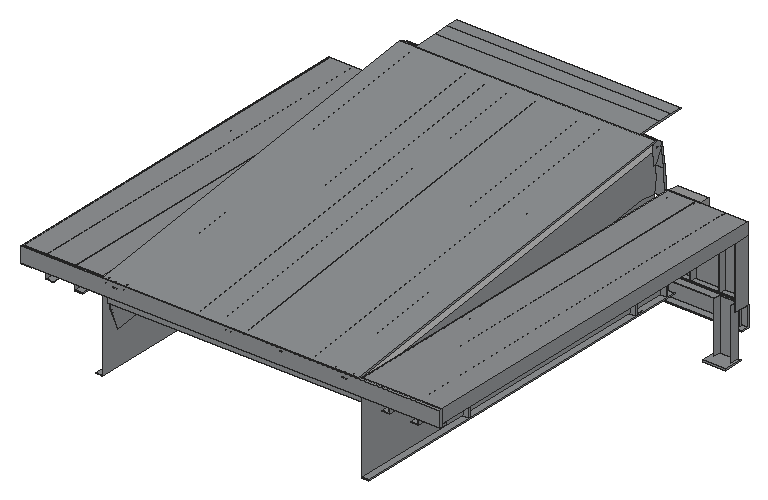
Revit family "ASSA_ABLOY_DockLeveler_DL6010SA", category Generic Models, Revit 2019 (continued)
Automatic sketch dimensions
  Sweep 47 sketch curve to Sweep 47 sketch curve = 94 mm
  Sweep 7 sketch curve to plane 3 "Center (Left/Right)" = 0 mm
  Sweep 9 sketch curve to Sweep 9 sketch curve = 0 mm  (x2)
  Sweep 9 sketch curve to profile plane = 17.01 mm
  plane 15 "LevelerHeight" to Sweep 9 sketch curve = 49.451 mm
  profile plane to Sweep 12 sketch curve = 50 mm
  Sweep 14 sketch curve to Sweep 14 sketch curve = 122 mm
  Sweep 15 sketch curve to Sweep 15 sketch curve = 122 mm
  Sweep 22 sketch curve to plane 49 = 3 mm
  Sweep 22 sketch curve to plane 48 = 3 mm
  plane 46 to Sweep 22 sketch curve = 3 mm
  Sweep 23 sketch curve to plane 50 = 3 mm
  plane 51 to Sweep 23 sketch curve = 3 mm
  plane 52 to Sweep 23 sketch curve = 3 mm
  Sweep 24 sketch curve to Sweep 24 sketch curve = 6.013 mm
  radius of Sweep 9 sketch curve = 22.25 mm
  radius of Sweep 9 sketch curve = 17.25 mm
Nested families
  nested 1: "DL6010SA_LevelerTop" at (0, 0, 942), TaperedSwingLip <- "TaperedSwingLip", FoldDownLip <- "FoldDownLip", AboveDeckLevel <- "AboveDeckLevel", RestingPosition <- "RestingPosition", NominalLengthWanted <- "NominalLength", LevelerWidthWanted <- "LevelerWidthWanted", LipLengthWanted <- "LipLength", DockHeightWanted <- "DockHeight", type <- "LipType", type "DL6010SA_StraightLip"
    with TopToeGuard 1339.6 mm, ToeGuardReference 333 mm, ToeGuardLength 1380 mm, ToeGuardHeight 355 mm, ToeGuardBelowLevel no, TaperedSwingLip no, TaperedStandardLipOpen no, TaperedStandardLipClose no, TaperedBentLipOpen no, TaperedBentLipClose no, SupportDistance 1150 mm, StrengthenerPlateLocation 466 mm, StrengthenerLength 2827 mm, StraightLipOpen yes, StraightLipClose yes, SidePlateHeight 425 mm, RestingPosition no, ReinforcementTwo 273 mm, ReinforcementThree 446 mm, ReinforcementPlateWider yes, ReinforcementPlate yes, ReinforcementFour 619 mm, ReinforcementFive 792 mm, PlatformThickness 8 mm, PlatformAngleTemporary 7.59464°, PlatformAngle 7.59464°, PlateLength 2920 mm, NominalLengthWanted 3000 mm, NominalLength 3000 mm, MidLipLength 195 mm, LipLengthWanted 400 mm, LipLength 400 mm, LevelerWidthWanted 2000 mm, LevelerWidth 2000 mm, LevelerHeight 700 mm, Iron Iron leveller, FrontCutterFoldDown 1750 mm, FoldDownLip yes, FoldDownFrontCutter 100 mm, FoldDownCutter 380 mm, ExtraReinforcement yes, DockHeightWanted 950 mm, DockHeight 950 mm, BentLipOpen no, BentLipClose yes, BelowDeckLevel no, ActualVerticalWorkingRange 400 mm, AboveDeckLevel yes
Definition of nested family "DL6010SA_LevelerTop"
  Parameters (values of type "DL6010SA_BentLip")
    TopToeGuard [instance] = ToeGuardLength - 40.4 mm  # 1339.6 mm
    ToeGuardReference [instance] = if(SidePlateHeight = 360 mm, 268 mm, 333 mm)  # 333 mm
    ToeGuardLength [instance] = if(NominalLength = 2000 mm, 750 mm, if(NominalLength = 2450 mm, 1080 mm, if(NominalLength = 3000 mm, 1380 mm, 750 mm)))  # 1380 mm
    ToeGuardHeight [instance] = if(NominalLength = 2000 mm, 300 mm, if(NominalLength = 2450 mm, 350 mm, if(NominalLength = 3000 mm, 355 mm, 300 mm)))  # 355 mm
    ToeGuardBelowLevel [instance] = not(ToeGuardAboveLevel)  # no
    ToeGuardAboveLevel = yes
    TaperedSwingLip [instance] = no
    TaperedStandardLipOpen [instance] = and(not(RestingPosition), not(FoldDownLip), TaperedSwingLip, StraightLip)  # no
    TaperedStandardLipClose [instance] = and(RestingPosition, StraightLip, TaperedSwingLip)  # no
    TaperedBentLipOpen [instance] = and(not(RestingPosition), not(FoldDownLip), TaperedSwingLip, BentLip)  # no
    TaperedBentLipClose [instance] = and(RestingPosition, BentLip, TaperedSwingLip)  # no
    SupportDistance [instance] = 1150 mm  # constant formula
    StrengthenerPlateLocation [instance] = ReinforcementThree + 20 mm  # 466 mm
    StrengthenerLength [instance] = NominalLength - 173 mm  # 2827 mm
    StraightLipOpen [instance] = or(and(not(RestingPosition), not(TaperedSwingLip), StraightLip), and(not(RestingPosition), FoldDownLip, TaperedSwingLip, StraightLip))  # no
    StraightLipClose [instance] = or(and(RestingPosition, StraightLip), and(StraightLip, FoldDownLip))  # no
    StraightLip = no
    SidePlateHeight [instance] = 425 mm  # constant formula
    RestingPosition [instance] = no
    ReinforcementTwo [instance] = if(LevelerWidth = 2000 mm, 273 mm, 300 mm)  # 273 mm
    ReinforcementThree [instance] = if(LevelerWidth = 2000 mm, 446 mm, 500 mm)  # 446 mm
    ReinforcementPlateWider [instance] = and(NominalLength > 2999 mm, LevelerWidth > 1750 mm)  # yes
    ReinforcementPlate [instance] = NominalLength > 2999 mm  # yes
    ReinforcementFour [instance] = if(LevelerWidth = 2000 mm, 619 mm, 700 mm)  # 619 mm
    ReinforcementFive [instance] = if(LevelerWidth = 2000 mm, 792 mm, 892 mm)  # 792 mm
    PlatformThickness [instance] = 8 mm  # constant formula
    PlatformAngleTemporary [instance] = atan(ActualVerticalWorkingRange / NominalLength)  # 5.33216°
    PlatformAngle [instance] = if(PlatformAngleTemporary < 0.00°, PlatformAngleTemporary + 360.00°, PlatformAngleTemporary)  # 5.33216°
    PlateLength [instance] = NominalLength - 80 mm  # 2920 mm
    LevelerWidthWanted [instance] = 2000 mm
    LevelerWidth [instance] = if(LevelerWidthWanted < 2100 mm, 2000 mm, 2200 mm)  # 2000 mm
    NominalLengthWanted [instance] = 3000 mm
    NominalLength [instance] = if(NominalLengthWanted < 2225 mm, 2000 mm, if(NominalLengthWanted < 2725 mm, 2450 mm, 3000 mm))  # 3000 mm
    MidLipLength [instance] = LipLength - 205 mm  # 295 mm
    LipLengthWanted [instance] = 500 mm
    LipLength [instance] = if(LipLengthWanted > 450 mm, 500 mm, 400 mm)  # 500 mm
    LevelerHeight [instance] = 700 mm  # constant formula
    Iron [instance] = none
    FrontCutterFoldDown [instance] = if(and(not(RestingPosition), FoldDownLip), LevelerWidth - 250 mm, if(and(RestingPosition, TaperedSwingLip), 3000 mm, 3000 mm))  # 1750 mm
    FoldDownLip [instance] = yes
    FoldDownFrontCutter [instance] = if(or(and(FoldDownLip, not(RestingPosition)), TaperedSwingLip), 100 mm, if(and(FoldDownLip, RestingPosition), 10 mm, if(RestingPosition, 10 mm, 10 mm)))  # 100 mm
    FoldDownCutter [instance] = if(FoldDownLip, 380 mm, 255 mm)  # 380 mm
    ExtraReinforcement [instance] = LevelerWidth > 1999 mm  # yes
    DockHeightWanted [instance] = 950 mm
    DockHeight [instance] = if(DockHeightWanted < 975 mm, 950 mm, if(DockHeightWanted < 1025 mm, 1000 mm, if(DockHeightWanted < 1075 mm, 1050 mm, if(DockHeightWanted < 1125 mm, 1100 mm, if(DockHeightWanted < 1175 mm, 1150 mm, if(DockHeightWanted < 1225 mm, 1200 mm, if(DockHeightWanted < 1275 mm, 1250 mm, if(DockHeightWanted < 1325 mm, 1300 mm, if(DockHeightWanted < 1375 mm, 1350 mm, if(DockHeightWanted < 1425 mm, 1400 mm, if(DockHeightWanted < 1475 mm, 1450 mm, 1500 mm)))))))))))  # 950 mm
    BentLipOpen [instance] = or(and(not(RestingPosition), not(TaperedSwingLip), BentLip), and(not(RestingPosition), FoldDownLip, TaperedSwingLip, BentLip))  # yes
    BentLipClose [instance] = or(and(RestingPosition, BentLip), and(BentLip, FoldDownLip), and(StraightLip, FoldDownLip))  # yes
    BentLip = yes
    BelowDeckLevel [instance] = not(AboveDeckLevel)  # no
    ActualVerticalWorkingRange [instance] = if(RestingPosition, 0 mm, if(and(NominalLength = 2000 mm, LipLength = 400 mm, BelowDeckLevel), -330 mm, if(and(NominalLength = 2000 mm, LipLength = 400 mm, AboveDeckLevel), 290 mm, if(and(NominalLength = 2000 mm, LipLength = 500 mm, BelowDeckLevel), -360 mm, if(and(NominalLength = 2000 mm, LipLength = 500 mm, AboveDeckLevel), 180 mm, if(and(NominalLength = 2450 mm, LipLength = 400 mm, BelowDeckLevel), -340 mm, if(and(NominalLength = 2450 mm, LipLength = 400 mm, AboveDeckLevel), 380 mm, if(and(NominalLength = 2450 mm, LipLength = 500 mm, BelowDeckLevel), -360 mm, if(and(NominalLength = 2450 mm, LipLength = 500 mm, AboveDeckLevel), 260 mm, if(and(NominalLength = 3000 mm, LipLength = 400 mm, BelowDeckLevel), -335 mm, if(and(NominalLength = 3000 mm, LipLength = 400 mm, AboveDeckLevel), 400 mm, if(and(NominalLength = 3000 mm, LipLength = 500 mm, BelowDeckLevel), -290 mm, if(and(NominalLength = 3000 mm, LipLength = 500 mm, AboveDeckLevel), 280 mm, 280 mm)))))))))))))  # 280 mm
    AboveDeckLevel [instance] = yes
  Types (2, lengths in mm): name | StraightLipOpen | StraightLipClose | StraightLip | BentLipOpen | BentLip
    DL6010SA_StraightLip | yes | yes | yes | no | no
    DL6010SA_BentLip | no | no | no | yes | yes
  Reference planes
    plane 1 "Front": y = 0
    plane 2 "Ground": z = 0
    plane 3 "Center (Left/Right)": x = 0
    plane 4: z = 8
    plane 5 "Back": y = -3000
    plane 6 "Left": x = -1000
    plane 7 "Right": x = 1000
    plane 8: x = 996
    plane 9: x = -996
    plane 10: y = -134
    plane 11: y = -134
    plane 12: z = -325
    plane 13: through (0, -303.405, 1037.872) normal (0, -0.9889, -0.1483)
    plane 14: through (0, -303.405, 1037.872) normal (0, -0.9889, -0.1483)
    plane 15: x = -1004
    plane 16: x = 1004
    plane 17: x = 992
    plane 18: x = -992
    plane 19: z = -21
    plane 20: y = -2986
    plane 21: x = -928.5
    plane 22: x = -860.5
    plane 23: z = -21
    plane 24: y = -2986
    plane 25: x = 928.5
    plane 26: x = 860.5
    plane 27: x = 100
    plane 28: x = 273
    plane 29: x = 446
    plane 30: x = 619
    plane 31: x = -100
    plane 32: x = -273
    plane 33: x = -446
    plane 34: x = -619
    plane 35: x = 120
    plane 36: x = 290
    plane 37: x = -120
    plane 38: x = -290
    plane 39: x = 792
    plane 40: x = -792
    plane 41: x = -875
    plane 42: x = 875
    plane 43: z = -515.765
    plane 44: x = 875
    plane 45: x = -875
    plane 46: x = 466
    plane 47: x = 636
    plane 48: x = -466
    plane 49: x = -636
    plane 50: through (0, -82.956, 278.941) normal (0, 0.9936, 0.1126)
    plane 51: z = -942
  Forms (mm)
    Extrusion 1, solid, material <- "Iron"
      sketch origin (0, -3000, 8) x (0, 0.995673, 0.092929) y (0, -0.092929, 0.995673)
        loop
          line (34.5, -8) -> (34.5, -248) -> (84.5, -433) -> (2835.5, -433) -> (2885.5, -248) -> (2885.5, -8) -> (34.5, -8)
      from 996 to 1000
    Extrusion 2, solid, material <- "Iron"
      sketch origin (0, -3000, 8) x (0, 0.995673, 0.092929) y (0, -0.092929, 0.995673)
        loop
          line (0, 0) -> (0, -8) -> (2920, -8) -> (2920, 0) -> (0, 0)
      from -1000 to 1000
    Extrusion 3, solid, material <- "Iron"
      sketch origin (0, -3000, 8) x (0, 0.995673, 0.092929) y (0, -0.092929, 0.995673)
        loop
          line (34.5, -8) -> (34.5, -248) -> (84.5, -433) -> (2835.5, -433) -> (2885.5, -248) -> (2885.5, -8) -> (34.5, -8)
      from -1000 to -996
    Extrusion 4, solid, material <- "Iron", visible <- "ToeGuardBelowLevel"
      sketch origin (0, -3000, 8) x (0, 1, 0) y (0, 0, 1)
        loop
          line (1429.864, -333) -> (1419.916, -432.476) -> (2773.377, -701.795) -> (2866, -359.091) -> (2769.464, -333) -> (1429.864, -333)
      from 1000 to 1004
    Extrusion 5, solid, material <- "Iron", visible <- "ToeGuardBelowLevel"
      sketch origin (-875, 0, 0) x (0, 1, 0) y (0, 0, 1)
        loop
          line (-1570.136, -325) -> (-1580.084, -424.476) -> (-226.623, -693.795) -> (-134, -351.091) -> (-230.536, -325) -> (-1570.136, -325)
      from -129 to -125
    Extrusion 6, solid, material <- "Iron", visible <- "ToeGuardAboveLevel"
      sketch origin (0, -3000, 8) x (0, 0.995673, 0.092929) y (0, -0.092929, 0.995673)
        loop
          line (1408.98, -333) -> (1399.033, -432.476) -> (2752.494, -701.795) -> (2845.117, -359.091) -> (2748.58, -333) -> (1408.98, -333)
      from 1000 to 1004
    Extrusion 7, solid, material <- "Iron", visible <- "ToeGuardAboveLevel"
      sketch origin (0, -3000, 8) x (0, 0.995673, 0.092929) y (0, -0.092929, 0.995673)
        loop
          line (1408.98, -333) -> (1399.033, -432.476) -> (2752.494, -701.795) -> (2845.117, -359.091) -> (2748.58, -333) -> (1408.98, -333)
      from -1004 to -1000
    Sweep 8, solid, material <- "Iron"
      path origin (0, 0, 0) x (1, 0, 0) y (0, 1, 0)
        loop
          line (-992, -2964) -> (992, -2964)
      profile origin (0, -2964, 0) x (0, 1, 0) y (0, 0, 1)
        loop
          line (0, 0) -> (0, -179.943) -> (8, -179.943) -> (8, 0) -> (0, 0)
    Extrusion 9, solid, material <- "Iron"
      sketch origin (-1000, 0, 0) x (0, 1, 0) y (0, 0, 1)
        loop
          circle (-2986, -21) r 21
        loop
          circle (-2986, -21) r 13
      from 71.5 to 139.5
    Extrusion 10, solid, material <- "Iron"
      sketch origin (875, 0, 0) x (0, 1, 0) y (0, 0, -1)
        loop
          circle (-2986, 21) r 21
        loop
          circle (-2986, 21) r 13
      from -53.5 to 14.5
    Sweep 11, solid, material <- "Iron"
      path origin (0, -3000, 8) x (0, 0.995673, 0.092929) y (0, -0.092929, 0.995673)
        loop
          line (34.5, -8) -> (2861.5, -8)
      profile origin (0, -1557.523, 134.596) x (0, -0.092929, 0.995673) y (1, 0, 0)
        loop
          line (0, -619) -> (-167.869, -619) -> (-167.869, -679) -> (-165.018, -679) -> (-165.018, -624) -> (0, -624) -> (0, -619)
        loop
          line (0, -446) -> (-167.869, -446) -> (-167.869, -506) -> (-165.018, -506) -> (-165.018, -451) -> (0, -451) -> (0, -446)
        loop
          line (0, -273) -> (-167.869, -273) -> (-167.869, -333) -> (-165.018, -333) -> (-165.018, -278) -> (0, -278) -> (0, -273)
        loop
          line (0, -100) -> (-167.869, -100) -> (-167.869, -160) -> (-165.018, -160) -> (-165.018, -105) -> (0, -105) -> (0, -100)
        loop
          line (0, 100) -> (0, 105) -> (-165.018, 105) -> (-165.018, 160) -> (-167.855, 160) -> (-167.855, 100) -> (0, 100)
        loop
          line (0, 273) -> (0, 278) -> (-165.018, 278) -> (-165.018, 333) -> (-167.855, 333) -> (-167.855, 273) -> (0, 273)
        loop
          line (0, 446) -> (0, 451) -> (-165.021, 451) -> (-165.021, 506) -> (-167.858, 506) -> (-167.858, 446) -> (0, 446)
        loop
          line (0, 619) -> (0, 624) -> (-165.024, 624) -> (-165.024, 679) -> (-167.861, 679) -> (-167.861, 619) -> (0, 619)
    Sweep 12, solid, material <- "Iron", visible <- "ReinforcementPlate"
      path origin (0, -3000, 8) x (0, 0.995673, 0.092929) y (0, -0.092929, 0.995673)
        loop
          line (2184.5, -178) -> (1184.5, -178)
      profile origin (0, -1306.248, -12.69) x (0, 0.092929, -0.995673) y (1, 0, 0)
        loop
          line (-0.912, 120) -> (-0.912, 290) -> (-2.912, 290) -> (-2.912, 120) -> (-0.912, 120)
        loop
          line (0.745, -120) -> (-1.255, -120) -> (-1.255, -290) -> (0.745, -290) -> (0.745, -120)
    Sweep 13, solid, material <- "Iron", visible <- "ExtraReinforcement"
      path origin (0, -3000, 8) x (0, 0.995673, 0.092929) y (0, -0.092929, 0.995673)
        loop
          line (2861.5, -8) -> (34.5, -8)
      profile origin (0, -1557.523, 134.596) x (0, 0.092929, -0.995673) y (1, 0, 0)
        loop
          line (0, 792) -> (165.936, 792) -> (165.936, 852) -> (161.4, 852) -> (161.4, 797) -> (0, 797) -> (0, 792)
        loop
          line (0, -792) -> (0, -797) -> (161.304, -797) -> (161.304, -852) -> (165.935, -852) -> (165.935, -792) -> (0, -792)
    Extrusion 14, solid, material <- "Iron", visible <- "StraightLipOpen"
      sketch origin (0, -3000, 8) x (0, 0.995673, 0.092929) y (0, -0.092929, 0.995673)
        loop
          line (2921, 0) -> (2920.128, -9.964) -> (3418.226, -53.542) -> (3418.574, -49.557) -> (3319.478, -34.862) -> (3214.877, -25.711) -> (2921, 0)
      from -1000 to 1000
    Extrusion 15, solid, material <- "Iron", visible <- "BentLipOpen"
      sketch origin (0, -3000, 8) x (0, 0.995673, 0.092929) y (0, -0.092929, 0.995673)
        loop
          line (3321.235, -9.198) -> (3216.1, 0) -> (2921.1, 0) -> (2921.1, -10) -> (3215.638, -10) -> (3421.099, -27.976) -> (3421.099, -24.001) -> (3321.235, -9.198)
      from -1000 to 1000
    Extrusion 16, solid, material <- "Iron", visible <- "BentLipClose"
      sketch origin (0, -3000, 8) x (0, 0.995673, 0.092929) y (0, -0.092929, 0.995673)
        loop
          line (2971.008, -39.658) -> (2970.994, -334.658) -> (2953.06, -539.658) -> (2957.049, -539.658) -> (2971.805, -440.13) -> (2980.956, -335.53) -> (2980.97, -39.658) -> (2971.008, -39.658)
      from -1000 to 1000
    Sweep 17, void
      path origin (-1000, 0, 0) x (0, 1, 0) y (0, 0, 1)
        loop
          line (-91.415, 291.25) -> (514.894, 291.25)
      profile origin (-1000, 211.739, 291.25) x (0, 0, 1) y (1, 0, 0)
        loop
          line (-706.414, 125) -> (-706.414, -255) -> (193.586, -255) -> (193.586, 125) -> (-706.414, 125)
    Sweep 18, void
      path origin (0, -3000, 8) x (0, 0.995673, 0.092929) y (0, -0.092929, 0.995673)
        loop
          line (2918.394, -9.834) -> (3543.378, -56.708)
      profile origin (0, 219.997, 275.117) x (0, -0.018203, 0.999834) y (1, 0, 0)
        loop
          line (304.739, 875) -> (304.739, 1255) -> (-715.261, 1255) -> (-715.261, 875) -> (304.739, 875)
    Sweep 19, void
      path origin (0, -3000, 8) x (0, 0.995673, 0.092929) y (0, -0.092929, 0.995673)
        loop
          line (3000, 0) -> (2900, 0)
      profile origin (0, -62.766, 282.142) x (0, 0.092929, -0.995673) y (1, 0, 0)
        loop
          line (1070, -875) -> (1070, 875) -> (-450, 875) -> (-450, -875) -> (1070, -875)
    Extrusion 20, solid
      sketch origin (0, -3000, 8) x (0, 0.995673, 0.092929) y (0, -0.092929, 0.995673)
        loop
          line (2885.5, -8) -> (34.5, -8) -> (34.5, -58) -> (2885.5, -58) -> (2885.5, -8)
      from 1000 to 877
    Extrusion 21, solid
      sketch origin (0, -3000, 8) x (0, 0.995673, 0.092929) y (0, 0.092929, -0.995673)
        loop
          line (2885.5, 8) -> (2885.5, 58) -> (34.5, 58) -> (34.5, 8) -> (2885.5, 8)
      from 1000 to 877
    Sweep 22, solid, material <- "Iron", visible <- "ReinforcementPlateWider"
      path origin (0, -3000, 8) x (0, 0.995673, 0.092929) y (0, -0.092929, 0.995673)
        loop
          line (2184.5, -178) -> (1184.5, -178)
      profile origin (0, -1306.248, -12.69) x (0, 0.092929, -0.995673) y (1, 0, 0)
        loop
          line (1.144, 466) -> (1.144, 636) -> (-0.856, 636) -> (-0.856, 466) -> (1.144, 466)
        loop
          line (1.21, -466) -> (-0.79, -466) -> (-0.79, -636) -> (1.21, -636) -> (1.21, -466)
    Extrusion 23, solid, material <- "Iron"
      sketch origin (0, -3000, 8) x (0, 0.995673, 0.092929) y (0, -0.092929, 0.995673)
        loop
          line (2904.08, -21.767) -> (2885.5, -21.767) -> (2885.5, -161.767) -> (2899.5, -161.767) -> (2960.932, -74.157)
          arc (2960.932, -74.157) -> (2955.429, -23.087) -> (2904.08, -21.767) r 39
        loop
          circle (2929, -51.767) r 12
      from -1000 to 1000
    Sweep 24, void
      path origin (-1000, 0, 0) x (0, 1, 0) y (0, 0, 1)
        loop
          line (-91.708, 291.25) -> (514.894, 291.25)
      profile origin (-1000, 211.593, 291.25) x (0, 0, 1) y (1, 0, 0)
        loop
          line (-706.414, 125) -> (-706.414, -255) -> (193.586, -255) -> (193.586, 125) -> (-706.414, 125)
    Sweep 25, void
      path origin (0, -3000, 8) x (0, 0.995673, 0.092929) y (0, 0.092929, -0.995673)
        loop
          line (2918.394, 9.834) -> (3543.378, 56.708)
      profile origin (0, 219.997, 275.117) x (0, 0.018203, -0.999834) y (-1, 0, 0)
        loop
          line (-304.739, 875) -> (715.261, 875) -> (715.261, 1255) -> (-304.739, 1255) -> (-304.739, 875)
  Cuts and joins
    Sweep 18, Sweep 25 cuts Extrusion 15
    Sweep 17, Sweep 18, Sweep 25 cuts Extrusion 14
    Sweep 19 cuts Extrusion 16
    Sweep 25 cuts Extrusion 2
  Lines and regions (mm)
    reference lines
      curve 1: line (0, -3000, 8) -> (0, -12.982, 286.788)
      curve 2: line (0, -12.982, 286.788) -> (0, 42.776, -310.615)
  Dimensions and locks
    plane 4 to plane 2 "Ground" = 8 mm
    "NominalLength": curve 1 to curve 1
    "NominalLength": plane 5 "Back" to plane 1 "Front"
    "PlatformThickness": curve 1 to Extrusion 1 sketch curve
    Extrusion 1 sketch curve to Extrusion 1 sketch curve = 50 mm  (x2)
    locked: Extrusion 1 sketch curve to Extrusion 1 sketch curve at 240  (x2)
    "PlatformThickness": curve 1 to Extrusion 2 sketch curve
    locked: Extrusion 2 sketch curve to curve 1 at 80
    "SidePlateHeight": Extrusion 1 sketch curve to Extrusion 1 sketch curve
    equal spacing: plane 6 "Left", plane 3 "Center (Left/Right)", plane 7 "Right"
    "LevelerWidth": plane 6 "Left" to plane 7 "Right"
    Extrusion 3 sketch curve to Extrusion 3 sketch curve = 50 mm  (x2)
    locked: Extrusion 3 sketch curve to Extrusion 3 sketch curve at 240  (x2)
    "SidePlateHeight": Extrusion 3 sketch curve to Extrusion 3 sketch curve
    locked: plane 8 to plane 7 "Right" at 4
    locked: plane 6 "Left" to plane 9 at 4
    "PlatformThickness": curve 1 to Extrusion 3 sketch curve
    "ToeGuardHeight": Extrusion 4 sketch curve to Extrusion 4 sketch curve
    locked: Extrusion 4 sketch curve to Extrusion 4 sketch curve at 100
    Extrusion 4 sketch curve to Extrusion 4 sketch curve = 99.973 mm
    "ToeGuardHeight": Extrusion 5 sketch curve to Extrusion 5 sketch curve
    locked: Extrusion 5 sketch curve to Extrusion 5 sketch curve at 100
    locked: Extrusion 5 sketch curve to Extrusion 5 sketch curve at 99.973
    plane 1 "Front" to plane 10 = 134 mm
    plane 1 "Front" to plane 11 = 134 mm
    "TopToeGuard": Extrusion 5 sketch curve to Extrusion 5 sketch curve
    "TopToeGuard": Extrusion 4 sketch curve to Extrusion 4 sketch curve
    "ToeGuardReference": plane 4 to plane 12
    "ToeGuardHeight": Extrusion 6 sketch curve to Extrusion 6 sketch curve
    locked: Extrusion 6 sketch curve to Extrusion 6 sketch curve at 100
    locked: Extrusion 6 sketch curve to Extrusion 6 sketch curve at 99.973
    "TopToeGuard": Extrusion 6 sketch curve to Extrusion 6 sketch curve
    "ToeGuardReference": curve 1 to Extrusion 6 sketch curve
    Extrusion 3 to Extrusion 6 sketch curve = 40.383 mm
    "ToeGuardHeight": Extrusion 7 sketch curve to Extrusion 7 sketch curve
    locked: Extrusion 7 sketch curve to Extrusion 7 sketch curve at 100
    locked: Extrusion 7 sketch curve to Extrusion 7 sketch curve at 99.973
    "TopToeGuard": Extrusion 7 sketch curve to Extrusion 7 sketch curve
    Extrusion 3 to Extrusion 7 sketch curve = 40.383 mm
    "ToeGuardReference": curve 1 to Extrusion 7 sketch curve
    locked: plane 15 to plane 6 "Left" at 4
    locked: plane 7 "Right" to plane 16 at 4
    locked: plane 6 "Left" to plane 18 at 8
    locked: plane 17 to plane 7 "Right" at 8
    locked: Sweep 8 sketch curve to Sweep 8 sketch curve at 8
    Sweep 8 sketch curve to Sweep 8 sketch curve = 179.943 mm
    plane 5 "Back" to Sweep 8 sketch curve = 36 mm
    Sweep 8 sketch curve to plane 5 "Back" = 36 mm
    locked: plane 2 "Ground" to plane 19 at 21
    locked: plane 20 to plane 5 "Back" at 14
    locked: plane 6 "Left" to plane 21 at 71.5
    plane 21 to plane 22 = 68 mm
    plane 25 to plane 7 "Right" = 71.5 mm
    plane 26 to plane 25 = 68 mm
    locked: plane 2 "Ground" to plane 23 at 21
    locked: plane 24 to plane 5 "Back" at 14
    "StrengthenerLength": Extrusion 3 to Sweep 11 sketch curve
    locked: plane 27 to plane 3 "Center (Left/Right)" at 100  (x2)
    "ReinforcementTwo": plane 28 to plane 3 "Center (Left/Right)"  (x2)
    "ReinforcementThree": plane 29 to plane 3 "Center (Left/Right)"  (x2)
    "ReinforcementFour": plane 30 to plane 3 "Center (Left/Right)"  (x2)
    locked: plane 3 "Center (Left/Right)" to plane 31 at 100
    "ReinforcementTwo": plane 3 "Center (Left/Right)" to plane 32  (x2)
    "ReinforcementThree": plane 3 "Center (Left/Right)" to plane 33  (x2)
    "ReinforcementFour": plane 3 "Center (Left/Right)" to plane 34  (x2)
    "SupportDistance": Extrusion 3 to Sweep 12 sketch curve
    Sweep 12 sketch curve to Sweep 12 sketch curve = 1000 mm
    locked: curve 1 to Sweep 12 sketch curve at 178
    plane 36 to plane 35 = 170 mm
    plane 38 to plane 37 = 170 mm
    Sweep 12 sketch curve to Sweep 12 sketch curve = 1.99 mm  (x2)
    locked: plane 35 to plane 3 "Center (Left/Right)" at 120
    locked: plane 3 "Center (Left/Right)" to plane 37 at 120
    Sweep 11 sketch curve to Sweep 11 sketch curve = 5 mm  (x8)
    locked: plane 31 to plane 3 "Center (Left/Right)" at 100
    "StrengthenerLength": Sweep 13 sketch curve to Sweep 13 sketch curve
    "ReinforcementFive": plane 39 to plane 3 "Center (Left/Right)"
    "ReinforcementFive": plane 3 "Center (Left/Right)" to plane 40
    Sweep 13 sketch curve to Sweep 13 sketch curve = 5 mm  (x2)
    locked: Sweep 13 sketch curve to Sweep 13 sketch curve at 4.536
    Sweep 13 sketch curve to Sweep 13 sketch curve = 60 mm  (x2)
    locked: Sweep 13 sketch curve to Sweep 13 sketch curve at 4.631
    "LipLength": Extrusion 14 sketch curve to Extrusion 14 sketch curve
    "MidLipLength": Extrusion 14 sketch curve to Extrusion 14 sketch curve
    Extrusion 14 sketch curve to Extrusion 14 sketch curve = 105 mm
    Extrusion 14 sketch curve to Extrusion 14 sketch curve = 100.18 mm
    Extrusion 14 sketch curve to Extrusion 14 sketch curve = 4 mm
    Extrusion 14 sketch curve to Extrusion 14 sketch curve = 10.002 mm  (x2)
    Extrusion 15 sketch curve to Extrusion 15 sketch curve = 10.002 mm
    Extrusion 15 sketch curve to Extrusion 15 sketch curve = 105.536 mm
    "MidLipLength": Extrusion 15 sketch curve to Extrusion 15 sketch curve
    "LipLength": Extrusion 15 sketch curve to Extrusion 15 sketch curve
    Extrusion 15 sketch curve to Extrusion 15 sketch curve = 3.96 mm
    Extrusion 15 sketch curve to Extrusion 15 sketch curve = 100.956 mm
    curve 1 to Extrusion 16 sketch curve = 39.658 mm
    "MidLipLength": Extrusion 16 sketch curve to Extrusion 16 sketch curve
    "LipLength": Extrusion 16 sketch curve to Extrusion 16 sketch curve
    Extrusion 16 sketch curve to Extrusion 16 sketch curve = 9.962 mm
    Extrusion 16 sketch curve to Extrusion 16 sketch curve = 10 mm
    Extrusion 16 sketch curve to Extrusion 16 sketch curve = 3.974 mm
    Extrusion 16 sketch curve to Extrusion 16 sketch curve = 100.616 mm
    Extrusion 16 sketch curve to Extrusion 16 sketch curve = 105 mm
    "FoldDownCutter": Sweep 17 sketch curve to Sweep 17 sketch curve
    Sweep 18 sketch curve to plane 7 "Right" = 255 mm
    "FoldDownCutter": Sweep 18 sketch curve to Sweep 18 sketch curve
    locked: plane 41 to plane 6 "Left" at 125
    locked: plane 7 "Right" to plane 42 at 125
    "FoldDownFrontCutter": Sweep 19 sketch curve to Sweep 19 sketch curve
    equal spacing: plane 44, plane 3 "Center (Left/Right)", plane 45
    "FrontCutterFoldDown": plane 44 to plane 45
    Extrusion 20 sketch curve to Extrusion 20 sketch curve = 50 mm
    Extrusion 21 sketch curve to Extrusion 21 sketch curve = 50 mm
    Sweep 22 sketch curve to Sweep 22 sketch curve = 1000 mm
    plane 47 to plane 46 = 170 mm
    plane 49 to plane 48 = 170 mm
    Sweep 22 sketch curve to Sweep 22 sketch curve = 1.99 mm
    "SupportDistance": Extrusion 3 to Sweep 22 sketch curve
    locked: curve 1 to Sweep 22 sketch curve at 178
    "StrengthenerPlateLocation": plane 48 to plane 3 "Center (Left/Right)"
    "StrengthenerPlateLocation": plane 46 to plane 3 "Center (Left/Right)"
    curve 2 to Extrusion 16 sketch curve = 19.028 mm
    Extrusion 2 to Extrusion 23 sketch curve to Extrusion 23 sketch curve = 51.767 mm, 110 mm
    Extrusion 23 sketch curve to Extrusion 23 sketch curve = 14 mm
    curve 1 to Extrusion 23 sketch curve = 21.767 mm
    Sweep 13 sketch curve to Sweep 13 sketch curve = 4.602 mm
    Sweep 13 sketch curve to Sweep 13 sketch curve = 4.507 mm
    "DockHeight": plane 4 to plane 51
    locked: Sweep 22 sketch curve to Sweep 22 sketch curve at 2  (x2)
    locked: Sweep 12 sketch curve to Sweep 12 sketch curve at 2  (x2)
    locked: Sweep 11 sketch curve to Sweep 11 sketch curve at 2.85  (x4)
    locked: Sweep 11 sketch curve to Sweep 11 sketch curve at 2.837  (x4)
    locked: plane 6 "Left" to Sweep 17 sketch curve at 255
    "FoldDownCutter": Sweep 24 sketch curve to Sweep 24 sketch curve
    locked: plane 6 "Left" to Sweep 24 sketch curve at 255
    "FoldDownCutter": Sweep 25 sketch curve to Sweep 25 sketch curve
    locked: plane 6 "Left" to Sweep 25 sketch curve at 255
    radius of Extrusion 9 sketch curve = 21 mm
    radius of Extrusion 9 sketch curve = 13 mm
    radius of Extrusion 10 sketch curve = 21 mm
    radius of Extrusion 10 sketch curve = 13 mm
    radius of Extrusion 23 sketch curve = 12 mm
    radius of Extrusion 23 sketch curve = 39 mm
    "PlatformAngle": angle curve 1 to plane 4
    locked: curve 2 to curve 1 (angle 90.00°)
    angle Extrusion 4 sketch curve to Extrusion 4 sketch curve = 164.876°
    locked: Extrusion 5 sketch curve to Extrusion 5 sketch curve (angle 164.876°)
    locked: Extrusion 5 sketch curve to Extrusion 5 sketch curve (angle 90.00°)
    angle Extrusion 4 sketch curve to Extrusion 4 sketch curve = 95.7106°
    angle Extrusion 5 sketch curve to Extrusion 5 sketch curve = 95.7106°
    locked: Extrusion 6 sketch curve to Extrusion 6 sketch curve (angle 164.876°)
    locked: Extrusion 6 sketch curve to Extrusion 6 sketch curve (angle 90.00°)
    angle Extrusion 6 sketch curve to Extrusion 6 sketch curve = 95.7106°
    locked: Extrusion 7 sketch curve to Extrusion 7 sketch curve (angle 164.876°)
    locked: Extrusion 7 sketch curve to Extrusion 7 sketch curve (angle 90.00°)
    angle Extrusion 7 sketch curve to Extrusion 7 sketch curve = 95.7106°
    locked: curve 1 to Extrusion 14 sketch curve (angle 5.00°)  (x2)
    angle Extrusion 23 sketch curve to Extrusion 23 sketch curve = 90.00°
    angle Extrusion 23 sketch curve to Extrusion 23 sketch curve = 125.038°
    aligned and locked: level to plane 2 "Ground"
    aligned and locked: Extrusion 2 sketch curve to curve 1
    aligned and locked: curve 1 to Extrusion 2 sketch curve
    aligned and locked: Extrusion 2 to plane 6 "Left"
    aligned and locked: plane 7 "Right" to Extrusion 2
    aligned and locked: plane 7 "Right" to Extrusion 1
    aligned and locked: Extrusion 3 to plane 6 "Left"
    aligned and locked: Extrusion 1 to plane 8
    aligned and locked: plane 9 to Extrusion 3
    aligned and locked: plane 10 to Extrusion 5 sketch curve
    aligned and locked: plane 11 to Extrusion 4 sketch curve
    aligned and locked: plane 12 to Extrusion 4 sketch curve
    aligned and locked: plane 12 to Extrusion 5 sketch curve
    aligned and locked: plane 6 "Left" to Extrusion 5
    aligned and locked: plane 6 "Left" to Extrusion 7
    aligned and locked: Extrusion 5 to plane 15
    aligned and locked: Extrusion 7 to plane 15
    aligned and locked: Extrusion 6 to plane 7 "Right"
    aligned and locked: Extrusion 4 to plane 7 "Right"
    aligned and locked: Extrusion 6 to plane 16
    aligned and locked: Extrusion 4 to plane 16
    aligned and locked: plane 18 to Sweep 8 sketch curve
    aligned and locked: plane 17 to Sweep 8 sketch curve
    aligned and locked: Sweep 8 sketch curve to plane 2 "Ground"
    aligned and locked: Extrusion 9 to plane 21
    aligned and locked: plane 22 to Extrusion 9
    aligned and locked: plane 25 to Extrusion 10
    aligned and locked: Extrusion 10 to plane 26
    aligned and locked: Extrusion 3 to Sweep 11 sketch curve
    aligned and locked: Sweep 12 sketch curve to plane 35
    aligned and locked: plane 36 to Sweep 12 sketch curve
    aligned and locked: plane 37 to Sweep 12 sketch curve
    aligned and locked: Sweep 12 sketch curve to plane 38
    aligned and locked: Sweep 11 sketch curve to Extrusion 3
    aligned and locked: plane 34 to Sweep 11 sketch curve
    aligned and locked: plane 33 to Sweep 11 sketch curve
    aligned and locked: plane 32 to Sweep 11 sketch curve
    aligned and locked: plane 31 to Sweep 11 sketch curve
    aligned and locked: Sweep 11 sketch curve to plane 27
    aligned and locked: Sweep 11 sketch curve to plane 28
    aligned and locked: Sweep 11 sketch curve to plane 29
    aligned and locked: Sweep 11 sketch curve to plane 30
    aligned and locked: Extrusion 3 to Sweep 13 sketch curve
    aligned and locked: Extrusion 2 to Sweep 13 sketch curve
    aligned and locked: plane 40 to Sweep 13 sketch curve
    aligned and locked: Sweep 13 sketch curve to plane 39
    aligned and locked: plane 7 "Right" to Extrusion 14
    aligned and locked: Extrusion 14 to plane 6 "Left"
    aligned and locked: curve 1 to Extrusion 15 sketch curve
    aligned and locked: plane 7 "Right" to Extrusion 15
    aligned and locked: Extrusion 15 to plane 6 "Left"
    aligned and locked: Extrusion 16 to plane 6 "Left"
    aligned and locked: plane 7 "Right" to Extrusion 16
    aligned and locked: Sweep 19 sketch curve to curve 2
    aligned and locked: Sweep 19 sketch curve to curve 1
    aligned and locked: plane 3 "Center (Left/Right)" to nested 1
    aligned and locked: Sweep 19 sketch curve to plane 45
    aligned and locked: Sweep 19 sketch curve to plane 44
    aligned and locked: Extrusion 20 sketch curve to Extrusion 3  (x3)
    aligned and locked: Extrusion 20 to plane 7 "Right"
    aligned and locked: plane 6 "Left" to Extrusion 21
    aligned and locked: Sweep 22 sketch curve to plane 46
    aligned and locked: plane 47 to Sweep 22 sketch curve
    aligned and locked: plane 48 to Sweep 22 sketch curve
    aligned and locked: Sweep 22 sketch curve to plane 49
    aligned and locked: Extrusion 23 to plane 6 "Left"
    aligned and locked: plane 7 "Right" to Extrusion 23
    aligned and locked: cut or joined group of Extrusion 14, Sweep 17, Sweep 18, Sweep 25 to Sweep 24 sketch curve
  Automatic sketch dimensions
    Extrusion 9 sketch curve to Extrusion 9 sketch curve = 0 mm  (x2)
    plane 19 to Extrusion 9 sketch curve = 0 mm
    Extrusion 9 sketch curve to plane 20 = 0 mm
    Extrusion 10 sketch curve to Extrusion 10 sketch curve = 0 mm  (x2)
    Extrusion 10 sketch curve to plane 23 = 0 mm
    Extrusion 10 sketch curve to plane 24 = 0 mm
    profile plane to Sweep 12 sketch curve = 2.912 mm
    profile plane to Sweep 12 sketch curve = 1.255 mm
    plane 1 "Front" to Sweep 17 sketch curve = 91.415 mm
    plane 4 to Sweep 17 sketch curve = 283.25 mm
    Sweep 17 sketch curve to plane 1 "Front" = 514.894 mm
    curve 1 to Sweep 18 sketch curve = 9.834 mm
    Sweep 18 sketch curve to curve 1 = 81.606 mm
    curve 1 to Sweep 18 sketch curve = 56.708 mm
    curve 1 to Sweep 18 sketch curve = 543.378 mm
    Extrusion 21 sketch curve to curve 1 = 8 mm
    curve 1 to Extrusion 21 sketch curve = 34.5 mm
    Extrusion 21 sketch curve to curve 1 = 114.5 mm
    Extrusion 23 sketch curve to Extrusion 23 sketch curve = 0 mm  (x2)
    Extrusion 23 sketch curve to curve 1 = 114.5 mm
    Extrusion 23 sketch curve to Extrusion 23 sketch curve = 31.932 mm
    plane 1 "Front" to Sweep 24 sketch curve = 91.708 mm
    Sweep 24 sketch curve to plane 1 "Front" = 514.894 mm
    Sweep 25 sketch curve to curve 1 = 9.834 mm
    Sweep 25 sketch curve to curve 1 = 81.606 mm
    Sweep 25 sketch curve to curve 1 = 56.708 mm
    curve 1 to Sweep 25 sketch curve = 543.378 mm
    curve 1 to plane 4 = 0 mm
    curve 1 to plane 5 "Back" = 0 mm
    curve 1 to Extrusion 1 sketch curve = 34.5 mm
    Extrusion 1 sketch curve to curve 1 = 164.5 mm
    curve 1 to Extrusion 3 sketch curve = 34.5 mm
    Extrusion 3 sketch curve to curve 1 = 164.5 mm
    Sweep 11 sketch curve to profile plane = 0 mm  (x8)
    profile plane to Sweep 11 sketch curve = 165.018 mm  (x6)
    plane 27 to Sweep 11 sketch curve = 60 mm
    plane 28 to Sweep 11 sketch curve = 60 mm
    Sweep 11 sketch curve to Sweep 11 sketch curve = 0.003 mm  (x2)
    Sweep 11 sketch curve to Sweep 11 sketch curve = 55 mm  (x6)
    Sweep 13 sketch curve to profile plane = 0 mm  (x2)
    Sweep 13 sketch curve to profile plane = 161.304 mm
    Sweep 13 sketch curve to Sweep 13 sketch curve = 161.4 mm
    curve 1 to Extrusion 14 sketch curve = 0 mm
    Extrusion 14 sketch curve to curve 1 = 79.872 mm
    curve 1 to Extrusion 15 sketch curve = 10 mm
    Extrusion 15 sketch curve to curve 1 = 78.9 mm
    Extrusion 15 sketch curve to Extrusion 15 sketch curve = 0 mm
    Extrusion 16 sketch curve to curve 1 = 46.94 mm
    profile plane to Sweep 17 sketch curve = 706.414 mm
    Sweep 17 sketch curve to profile plane = 193.586 mm
    profile plane to Sweep 18 sketch curve = 715.261 mm
    Sweep 18 sketch curve to profile plane = 304.739 mm
    profile plane to Sweep 19 sketch curve = 450 mm
    Sweep 19 sketch curve to profile plane = 1070 mm
    profile plane to Sweep 22 sketch curve = 0.856 mm
    profile plane to Sweep 22 sketch curve = 0.79 mm
    profile plane to Sweep 24 sketch curve = 706.414 mm
    Sweep 24 sketch curve to profile plane = 193.586 mm
    profile plane to Sweep 25 sketch curve = 304.739 mm
    Sweep 25 sketch curve to profile plane = 715.261 mm
  Nested families
    nested 1: "DL6010S_TaperedLip" at (0, 0, 0), TaperedBentLipOpen <- "TaperedBentLipOpen", TaperedStandardLipOpen <- "TaperedStandardLipOpen", LipLength <- "LipLength", NominalLength <- "NominalLength", TaperedStandardLipClose <- "TaperedStandardLipClose", TaperedBentLipClose <- "TaperedBentLipClose", LevelerWidth <- "LevelerWidth", AboveDeckLevel <- "AboveDeckLevel", RestingPosition <- "RestingPosition", type "DL6010S_TaperedLip"
      with TaperedStandardLipOpen no, TaperedStandardLipClose no, TaperedBentLipOpen no, TaperedBentLipClose no, RestingPosition no, PlatformAngleTemporary 5.33216°, NominalLength 3000 mm, MidLipLength 295 mm, LipVoidCutter 450 mm, LipLength 500 mm, LevelerWidth 2000 mm, Iron none, BelowDeckLevel no, ActualVerticalWorkingRange 280 mm, AboveDeckLevel yes
  Definition of nested family "DL6010S_TaperedLip"
    Parameters (values of type "DL6010S_TaperedLip")
      TaperedStandardLipClose [instance] = yes
      TaperedStandardLipOpen [instance] = yes
      TaperedBentLipClose [instance] = yes
      TaperedBentLipOpen [instance] = yes
      RestingPosition [instance] = no
      PlatformAngleTemporary [instance] = atan(ActualVerticalWorkingRange / NominalLength)  # 5.33216°
      LevelerWidth [instance] = 2000 mm
      NominalLength [instance] = 3000 mm
      MidLipLength [instance] = LipLength - 205 mm  # 295 mm
      LipVoidCutter [instance] = LipLength - 50 mm  # 450 mm
      LipLength [instance] = 500 mm
      Iron [instance] = none
      BelowDeckLevel [instance] = not(AboveDeckLevel)  # no
      ActualVerticalWorkingRange [instance] = if(RestingPosition, 0 mm, if(and(NominalLength = 2000 mm, LipLength = 400 mm, BelowDeckLevel), -330 mm, if(and(NominalLength = 2000 mm, LipLength = 400 mm, AboveDeckLevel), 290 mm, if(and(NominalLength = 2000 mm, LipLength = 500 mm, BelowDeckLevel), -360 mm, if(and(NominalLength = 2000 mm, LipLength = 500 mm, AboveDeckLevel), 180 mm, if(and(NominalLength = 2450 mm, LipLength = 400 mm, BelowDeckLevel), -340 mm, if(and(NominalLength = 2450 mm, LipLength = 400 mm, AboveDeckLevel), 380 mm, if(and(NominalLength = 2450 mm, LipLength = 500 mm, BelowDeckLevel), -360 mm, if(and(NominalLength = 2450 mm, LipLength = 500 mm, AboveDeckLevel), 260 mm, if(and(NominalLength = 3000 mm, LipLength = 400 mm, BelowDeckLevel), -335 mm, if(and(NominalLength = 3000 mm, LipLength = 400 mm, AboveDeckLevel), 400 mm, if(and(NominalLength = 3000 mm, LipLength = 500 mm, BelowDeckLevel), -290 mm, if(and(NominalLength = 3000 mm, LipLength = 500 mm, AboveDeckLevel), 280 mm, 280 mm)))))))))))))  # 280 mm
      AboveDeckLevel [instance] = yes
    Reference planes
      plane 1 "Center (Front/Back)": y = 0
      plane 2: z = 0
      plane 3 "Center (Left/Right)": x = 0
      plane 4 "lip": y = -90
      plane 5: x = 1000
      plane 6: x = -1000
      plane 7: z = 8
      plane 8: y = -3000
      plane 9: through (0, -14.885, 306.48) normal (0, -0.995, -0.0995)
      plane 10: through (0, -33.791, 304.591) normal (0, -0.995, -0.0995)
      plane 11: through (0, -11, 267.629) normal (0, -0.995, -0.0994)
    Forms (mm)
      SweptBlend 1, void
        path origin (0, -3000, 8) x (0, 0.995673, 0.092929) y (0, -0.092929, 0.995673)
          loop
            line (3421.699, 0.076) -> (2971.187, 0.082)
        profile origin (0, 406.885, 326.053) x (0, 0.092918, -0.995674) y (1, 0, 0)
          loop
            line (-1848.01, 875) -> (1931.99, 875) -> (1931.99, 1200) -> (-1848.01, 1200) -> (-1848.01, 875)
        end profile origin (0, -41.678, 284.192) x (0, 0.092918, -0.995674) y (1, 0, 0)
          loop
            line (-1941.244, 1200) -> (-1941.244, 1000) -> (1938.756, 1000) -> (1938.756, 1200) -> (-1941.244, 1200)
      SweptBlend 2, void
        path origin (0, -3000, 8) x (0, 0.995673, 0.092929) y (0, -0.092929, 0.995673)
          loop
            line (3420.916, -27.915) -> (2974.16, -2.031)
        profile origin (0, 408.707, 298.11) x (0, 0.035183, -0.999381) y (1, 0, 0)
          loop
            line (1848.01, -1200) -> (1848.01, -875) -> (-1931.99, -875) -> (-1931.99, -1200) -> (1848.01, -1200)
        end profile origin (0, -38.521, 282.365) x (0, 0.035183, -0.999381) y (1, 0, 0)
          loop
            line (1941.244, -1000) -> (-1938.756, -1000) -> (-1938.756, -1200) -> (1941.244, -1200) -> (1941.244, -1000)
      Extrusion 3, solid, material <- "Iron", visible <- "TaperedStandardLipOpen"
        sketch origin (0, -3000, 8) x (0, 0.995673, 0.092929) y (0, -0.092929, 0.995673)
          loop
            line (2921.67, 0.878) -> (2920.798, -9.086) -> (3418.895, -52.671) -> (3419.243, -48.686) -> (3320.147, -33.99) -> (3215.547, -24.837) -> (2921.67, 0.878)
        from -1000 to 1000
      Extrusion 4, solid, material <- "Iron", visible <- "TaperedBentLipOpen"
        sketch origin (0, -3000, 8) x (0, 0.995673, 0.092929) y (0, -0.092929, 0.995673)
          loop
            line (3320.689, -9.121) -> (3216.462, 0) -> (2921.127, 0) -> (2920.654, -9.9) -> (3214.904, -9.904) -> (3420.365, -27.883) -> (3420.554, -23.925) -> (3320.689, -9.121)
        from -1000 to 1000
      SweptBlend 5, void
        path origin (0, -3000, 8) x (0, 0.995673, 0.092929) y (0, -0.092929, 0.995673)
          loop
            line (2971.183, 0) -> (3421.183, 0)
        profile origin (0, -41.674, 284.11) x (0, -0.092929, 0.995673) y (1, 0, 0)
          loop
            line (1809.294, 1000) -> (1809.294, 1200) -> (-1790.706, 1200) -> (-1790.706, 1000) -> (1809.294, 1000)
        end profile origin (0, 406.379, 325.929) x (0, -0.092929, 0.995673) y (1, 0, 0)
          loop
            line (1775.544, 875) -> (1775.544, 1200) -> (-1824.456, 1200) -> (-1824.456, 875) -> (1775.544, 875)
      SweptBlend 6, void
        path origin (0, -3000, 8) x (0, 0.995673, 0.092929) y (0, -0.092929, 0.995673)
          loop
            line (2971.212, 0) -> (3421.212, 0)
        profile origin (0, -41.645, 284.113) x (0, -0.092929, 0.995673) y (1, 0, 0)
          loop
            line (-1809.294, -1200) -> (1790.706, -1200) -> (1790.706, -1000) -> (-1809.294, -1000) -> (-1809.294, -1200)
        end profile origin (0, 406.408, 325.931) x (0, -0.092929, 0.995673) y (1, 0, 0)
          loop
            line (-1775.544, -1200) -> (1824.456, -1200) -> (1824.456, -875) -> (-1775.544, -875) -> (-1775.544, -1200)
      Extrusion 7, solid, material <- "Iron", visible <- "TaperedStandardLipClose"
        sketch origin (0, -3000, 8) x (0, 0.995673, 0.092929) y (0, -0.092929, 0.995673)
          loop
            line (2980.978, -39.044) -> (2966, -39.044) -> (2965.974, -539.044) -> (2969.974, -539.044) -> (2980.98, -439.044) -> (2980.981, -334.044) -> (2980.978, -39.044)
        from -1000 to 1000
      Extrusion 8, solid, material <- "Iron", visible <- "TaperedBentLipClose"
        sketch origin (0, -3000, 8) x (0, 0.995673, 0.092929) y (0, -0.092929, 0.995673)
          loop
            line (2966.038, -39.044) -> (2966.023, -334.044) -> (2948.086, -539.044) -> (2952.14, -539.044) -> (2971.832, -439.516) -> (2980.984, -334.916) -> (2981.001, -39.044) -> (2966.038, -39.044)
        from -1000 to 1000
      SweptBlend 9, void
        path origin (0, -3000, 8) x (0, 0.995673, 0.092929) y (0, -0.092929, 0.995673)
          loop
            line (2966.035, -89.044) -> (2966.012, -539.044)
        profile origin (0, -38.525, 194.974) x (0, 0.995678, 0.092877) y (1, 0, 0)
          loop
            line (9136.707, 1200) -> (-12263.293, 1200) -> (-12263.293, 1000) -> (9136.707, 1000) -> (9136.707, 1200)
        end profile origin (0, 3.27, -253.081) x (0, 0.995678, 0.092877) y (1, 0, 0)
          loop
            line (14006.48, 875) -> (14006.48, 1200) -> (-8593.52, 1200) -> (-8593.52, 875) -> (14006.48, 875)
      SweptBlend 10, void
        path origin (0, -3000, 8) x (0, 0.995673, 0.092929) y (0, 0.092929, -0.995673)
          loop
            line (2965.998, 89.044) -> (2965.974, 539.044)
        profile origin (0, -38.562, 194.97) x (0, -0.995678, -0.092877) y (-1, 0, 0)
          loop
            line (25573.293, 1200) -> (-22446.707, 1200) -> (-22446.707, 1000) -> (25573.293, 1000) -> (25573.293, 1200)
        end profile origin (0, 3.233, -253.085) x (0, -0.995678, -0.092877) y (-1, 0, 0)
          loop
            line (-11300, 875) -> (11300, 875) -> (11300, 1200) -> (-11300, 1200) -> (-11300, 875)
    Cuts and joins
      SweptBlend 1, SweptBlend 6 cuts Extrusion 3
      SweptBlend 5, SweptBlend 6 cuts Extrusion 4
      SweptBlend 2, SweptBlend 9, SweptBlend 10 cuts Extrusion 7
      SweptBlend 9, SweptBlend 10 cuts Extrusion 8
    Lines and regions (mm)
      reference lines
        curve 1: line (0, -3000, 8) -> (0, -12.982, 286.788)
    Dimensions and locks
      plane 4 "lip" to plane 1 "Center (Front/Back)" = 90 mm
      equal spacing: plane 6, plane 3 "Center (Left/Right)", plane 5
      "LevelerWidth": plane 6 to plane 5
      locked: plane 7 to plane 2 at 8
      "NominalLength": plane 1 "Center (Front/Back)" to plane 8
      "NominalLength": curve 1 to curve 1
      SweptBlend 1 sketch curve to SweptBlend 1 sketch curve = 325 mm
      SweptBlend 1 sketch curve to SweptBlend 1 sketch curve = 200 mm
      SweptBlend 1 sketch curve to plane 5 = 200 mm
      SweptBlend 2 sketch curve to SweptBlend 2 sketch curve = 325 mm
      SweptBlend 2 sketch curve to SweptBlend 2 sketch curve = 200 mm
      plane 6 to SweptBlend 2 sketch curve = 125 mm
      "LipLength": Extrusion 3 sketch curve to Extrusion 3 sketch curve
      "MidLipLength": Extrusion 3 sketch curve to Extrusion 3 sketch curve
      Extrusion 3 sketch curve to Extrusion 3 sketch curve = 105 mm
      Extrusion 3 sketch curve to Extrusion 3 sketch curve = 100.18 mm
      Extrusion 4 sketch curve to Extrusion 4 sketch curve = 10.002 mm
      Extrusion 4 sketch curve to Extrusion 4 sketch curve = 104.626 mm
      "MidLipLength": Extrusion 4 sketch curve to Extrusion 4 sketch curve
      "LipLength": Extrusion 4 sketch curve to Extrusion 4 sketch curve
      Extrusion 4 sketch curve to Extrusion 4 sketch curve = 3.96 mm
      Extrusion 4 sketch curve to Extrusion 4 sketch curve = 100.956 mm
      Extrusion 4 to SweptBlend 2 sketch curve = 53.07 mm
      SweptBlend 5 sketch curve to SweptBlend 5 sketch curve = 200 mm
      locked: SweptBlend 5 sketch curve to SweptBlend 5 sketch curve at 325
      SweptBlend 5 sketch curve to plane 5 = 200 mm
      SweptBlend 6 sketch curve to SweptBlend 6 sketch curve = 200 mm
      locked: SweptBlend 6 sketch curve to SweptBlend 6 sketch curve at 325
      Extrusion 4 sketch curve to Extrusion 4 sketch curve = 206.246 mm
      Extrusion 7 sketch curve to Extrusion 7 sketch curve = 105 mm
      Extrusion 7 sketch curve to Extrusion 7 sketch curve = 100.604 mm
      Extrusion 7 sketch curve to Extrusion 7 sketch curve = 4 mm
      "MidLipLength": Extrusion 8 sketch curve to Extrusion 8 sketch curve
      "LipLength": Extrusion 8 sketch curve to Extrusion 8 sketch curve
      Extrusion 8 sketch curve to Extrusion 8 sketch curve = 101.457 mm
      Extrusion 8 sketch curve to Extrusion 8 sketch curve = 105 mm
      curve 1 to Extrusion 8 sketch curve = 39.044 mm
      "LipLength": Extrusion 7 sketch curve to Extrusion 7 sketch curve
      cut or joined group of Extrusion 4, SweptBlend 5, SweptBlend 6 to SweptBlend 6 sketch curve = 50.029 mm
      cut or joined group of Extrusion 4, SweptBlend 5, SweptBlend 6 to SweptBlend 5 sketch curve = 50 mm
      SweptBlend 9 sketch curve to plane 5 = 200 mm  (x2)
      SweptBlend 9 sketch curve to SweptBlend 9 sketch curve = 325 mm
      plane 6 to SweptBlend 6 sketch curve = 200 mm
      cut or joined group of Extrusion 4, SweptBlend 5, SweptBlend 6 to SweptBlend 1 sketch curve = 50 mm
      "LipVoidCutter": SweptBlend 6 sketch curve to SweptBlend 6 sketch curve
      locked: curve 1 to Extrusion 4 sketch curve at 78.784
      Extrusion 3 sketch curve to Extrusion 3 sketch curve = 10.002 mm  (x2)
      Extrusion 3 sketch curve to Extrusion 3 sketch curve = 4 mm
      locked: Extrusion 3 sketch curve to curve 1 at 78.108
      "LipVoidCutter": SweptBlend 5 sketch curve to SweptBlend 5 sketch curve
      curve 1 to plane 9 = 3000 mm
      locked: curve 1 to Extrusion 8 sketch curve at 39.044
      locked: plane 10 to plane 9 at 19
      curve 1 to plane 11 = 3000.004 mm
      curve 1 to Extrusion 7 sketch curve = 39.044 mm
      locked: curve 1 to Extrusion 8 sketch curve at 18.997
      Extrusion 7 sketch curve to curve 1 = 19.022 mm
      SweptBlend 10 sketch curve to SweptBlend 10 sketch curve = 325 mm
      curve 1 to SweptBlend 10 sketch curve = 33.997 mm
      SweptBlend 10 sketch curve to SweptBlend 10 sketch curve = 200 mm
      "MidLipLength": cut or joined group of Extrusion 8, SweptBlend 9, SweptBlend 10 to Extrusion 7 sketch curve
      "LipVoidCutter": SweptBlend 9 sketch curve to SweptBlend 9 sketch curve
      "LipVoidCutter": SweptBlend 10 sketch curve to SweptBlend 10 sketch curve
      "PlatformAngleTemporary": angle curve 1 to plane 7
      angle Extrusion 4 sketch curve to Extrusion 4 sketch curve = 5.00014°
      angle Extrusion 4 sketch curve to Extrusion 4 sketch curve = 174.999°
      locked: curve 1 to Extrusion 3 sketch curve (angle 5.00085°)
      angle plane 9 to curve 1 = 90.3778°
      aligned and locked: level to plane 2
      aligned and locked: plane 8 to curve 1
      aligned and locked: plane 7 to curve 1
      aligned and locked: SweptBlend 1 sketch curve to plane 5
      aligned and locked: SweptBlend 2 sketch curve to Extrusion 4
      aligned and locked: plane 5 to Extrusion 4
      aligned and locked: Extrusion 4 to plane 6
      aligned and locked: SweptBlend 5 sketch curve to plane 5
      aligned and locked: cut or joined group of Extrusion 4, SweptBlend 5, SweptBlend 6 to SweptBlend 6 sketch curve
      aligned and locked: cut or joined group of Extrusion 4, SweptBlend 5, SweptBlend 6 to SweptBlend 5 sketch curve
      aligned and locked: plane 5 to Extrusion 8
      aligned and locked: plane 5 to Extrusion 7
      aligned and locked: Extrusion 8 to plane 6
      aligned and locked: Extrusion 7 to plane 6
      aligned and locked: SweptBlend 9 sketch curve to plane 5
      aligned and locked: SweptBlend 6 sketch curve to plane 6
      aligned and locked: SweptBlend 2 sketch curve to plane 6
      aligned and locked: SweptBlend 1 sketch curve to cut or joined group of Extrusion 4, SweptBlend 5, SweptBlend 6
      aligned and locked: curve 1 to Extrusion 4 sketch curve
      aligned and locked: plane 5 to cut or joined group of SweptBlend 1, Extrusion 3, SweptBlend 6
      aligned and locked: cut or joined group of SweptBlend 1, Extrusion 3, SweptBlend 6 to plane 6
      aligned and locked: plane 6 to SweptBlend 10 sketch curve
      aligned and locked: cut or joined group of SweptBlend 2, Extrusion 7, SweptBlend 9, SweptBlend 10 to SweptBlend 9 sketch curve
      aligned and locked: SweptBlend 9 sketch curve to cut or joined group of Extrusion 8, SweptBlend 9, SweptBlend 10
      aligned and locked: cut or joined group of SweptBlend 2, Extrusion 7, SweptBlend 9, SweptBlend 10 to SweptBlend 10 sketch curve
    Automatic sketch dimensions
      SweptBlend 1 sketch curve to curve 1 = 0.082 mm
      SweptBlend 1 sketch curve to curve 1 = 0.076 mm
      profile plane to SweptBlend 1 sketch curve = 1848.01 mm
      SweptBlend 1 sketch curve to profile plane = 1931.99 mm
      profile plane to SweptBlend 1 sketch curve = 1941.244 mm
      SweptBlend 1 sketch curve to profile plane = 1938.756 mm
      curve 1 to SweptBlend 2 sketch curve = 2.031 mm
      curve 1 to SweptBlend 2 sketch curve = 27.915 mm
      profile plane to SweptBlend 2 sketch curve = 1931.99 mm
      SweptBlend 2 sketch curve to profile plane = 1848.01 mm
      profile plane to SweptBlend 2 sketch curve = 1938.756 mm
      SweptBlend 2 sketch curve to profile plane = 1941.244 mm
      profile plane to SweptBlend 5 sketch curve = 1790.706 mm
      SweptBlend 5 sketch curve to profile plane = 1809.294 mm
      profile plane to SweptBlend 5 sketch curve = 1824.456 mm
      SweptBlend 5 sketch curve to profile plane = 1775.544 mm
      profile plane to SweptBlend 6 sketch curve = 1809.294 mm
      SweptBlend 6 sketch curve to profile plane = 1790.706 mm
      profile plane to SweptBlend 6 sketch curve = 1775.544 mm
      SweptBlend 6 sketch curve to profile plane = 1824.456 mm
      profile plane to SweptBlend 9 sketch curve = 12263.293 mm
      SweptBlend 9 sketch curve to profile plane = 9136.707 mm
      profile plane to SweptBlend 9 sketch curve = 8593.52 mm
      SweptBlend 9 sketch curve to profile plane = 14006.48 mm
      profile plane to SweptBlend 10 sketch curve = 22446.707 mm
      SweptBlend 10 sketch curve to profile plane = 25573.293 mm
      profile plane to SweptBlend 10 sketch curve = 11300 mm
      SweptBlend 10 sketch curve to profile plane = 11300 mm
      profile plane to SweptBlend 10 sketch curve = 875 mm
      curve 1 to Extrusion 3 sketch curve = 9.086 mm
      Extrusion 7 sketch curve to curve 1 = 34.026 mm
      Extrusion 7 sketch curve to curve 1 = 34 mm
      Extrusion 7 sketch curve to Extrusion 7 sketch curve = 14.978 mm
      Extrusion 7 sketch curve to curve 1 = 19.02 mm
      Extrusion 8 sketch curve to curve 1 = 51.914 mm
      Extrusion 8 sketch curve to Extrusion 8 sketch curve = 4.054 mm
      Extrusion 8 sketch curve to curve 1 = 33.977 mm
      Extrusion 8 sketch curve to curve 1 = 33.962 mm
      Extrusion 8 sketch curve to curve 1 = 28.168 mm
      Extrusion 8 sketch curve to Extrusion 8 sketch curve = 14.962 mm
      SweptBlend 10 sketch curve to curve 1 = 34.026 mm
Types (2, lengths in mm): name | Version | URL | LipType
  DL6010SA_BentLip | 0 | 0 | DL6010SA_LevelerTop : DL6010SA_BentLip
  DL6010SA_StraightLip | 2 | "https://www.assaabloyentrance.com/global/en/solutions/products/loading-dock-equipment/dock-levelers/assa-abloy-dl6010sa-swingdock-autodock" | DL6010SA_LevelerTop : DL6010SA_StraightLip
